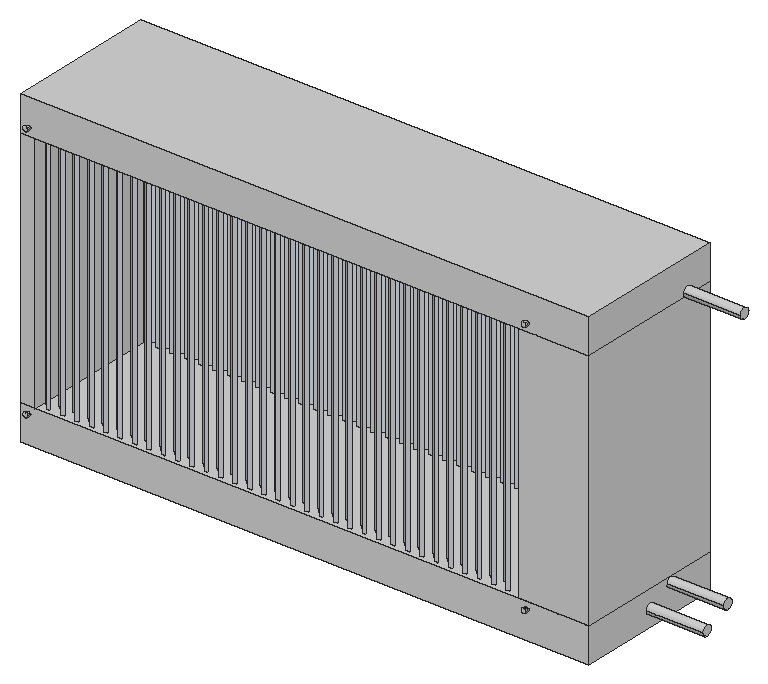
Revit family "НЕВАТОМ_Охладитель OWP-R_20220407", category Оборудование, Revit 2017
Family settings
  Размер круглого соединителя = Использовать диаметр
  Тип детали = Вставляется
  На основе рабочей плоскости = Нет
  Всегда вертикально = Нет
  При загрузке вырезать с полостями = Нет
  Общий = Нет
  Точка расчета площади = Нет
Parameters (values of type "OWP 1000-500/2")
  Толщина крышки = 50 mm  # constant formula
  Материал корпуса = Материал корпуса
  t = 2 mm  # constant formula
  l = 30 mm
  d = 20 mm  # constant formula
  Nevatom_Частотный преобразователь = ""
  Nevatom_Регулятор расхода = ""
  Nevatom_URL = "https://t.me/NEVATOM_Bim_bot"
  Nevatom_ Для задания электроснабжения = ""
  N = D / 30 mm  # 34
  K = 1295 mm
  F = 43 mm  # constant formula
  С пр. сеч = 500 mm
  E = 519 mm
  D пр.сеч = 1000 mm
  D = 1030 mm
  ADSK_Размер_Ширина = 312 mm  # constant formula
  ADSK_Размер_Длина = K  # 1295 mm
  ADSK_Размер_Высота = B  # 643 mm
  ADSK_Материал наименование = "Оцинкованная сталь"  # constant formula
  A = 1176 mm
  C = 530 mm
  B = 643 mm
  ADSK_Ток = 0 A
  ADSK_Полная мощность = 0 kW
  ADSK_Напряжение = 0 V
  ADSK_Расход воздуха = 6000.0 m³/h
  ADSK_Примечание = ""
  ADSK_Потеря давления воздуха = 54.0 Pa
  ADSK_Позиция = ""
  ADSK_Наименование = "ОХЛАДИТЕЛЬ ВОДЯНОЙ"
  ADSK_Масса_Текст = "45,2 кг"
  ADSK_Масса = 45.2
  ADSK_Марка = "OWP 1000-500/2-R"
  ADSK_Код изделия = ""
  ADSK_Завод-изготовитель = "NEVATOM"
  ADSK_Единица измерения = "шт."
  5 = 5 mm  # constant formula
  312 = 312 mm  # constant formula
Types (28, lengths in mm): name | N | K | С пр. сеч | E | D пр.сеч | D | ADSK_Размер_Длина | ADSK_Размер_Высота | A | C | B | ADSK_Расход воздуха | ADSK_Потеря давления воздуха | ADSK_Масса_Текст | ADSK_Масса | ADSK_Марка
  (no name) | 34 | 1295 | 500 | 519 | 1000 | 1030 | 1295 | 643 | 1176 | 530 | 643 | 6000.0 m³/h | 54.0 Pa | "45,2 кг" | 45.2 | "OWP 1000-500/2-R"
  OWP 400-200/2 | 14 | 675 | 200 | 219 | 400 | 420 | 675 | 333 | 556 | 220 | 333 | 800.0 m³/h | 31.0 Pa | "17,7 кг" | 17.7 | "ОWP–400*200/2-R"
  OWP 400-200/3 | 14 | 675 | 200 | 219 | 400 | 420 | 675 | 333 | 556 | 220 | 333 | 800.0 m³/h | 47.0 Pa | "17,7 кг" | 17.7 | "ОWP–400*200/3-R"
  OWP 400-200/4 | 14 | 675 | 200 | 219 | 400 | 420 | 675 | 333 | 556 | 220 | 333 | 800.0 m³/h | 67.0 Pa | "18,7 кг" | 18.7 | "ОWP–400*200/4-R"
  OWP 500-250/2 | 17 | 775 | 250 | 269 | 500 | 520 | 775 | 383 | 656 | 270 | 383 | 1250.0 m³/h | 31.0 Pa | "21,4 кг" | 21.4 | "OWP 500-250/2-R"
  OWP 500-250/3 | 17 | 775 | 250 | 269 | 500 | 520 | 775 | 383 | 656 | 270 | 383 | 1250.0 m³/h | 51.0 Pa | "21,2 кг" | 21.2 | "OWP 500-250/3-R"
  OWP 500-250/4 | 17 | 775 | 250 | 269 | 500 | 520 | 775 | 383 | 656 | 270 | 383 | 1250.0 m³/h | 72.0 Pa | "23 кг" | 23 | "OWP 500-250/4-R"
  OWP 500-300/2 | 17 | 775 | 300 | 319 | 500 | 520 | 775 | 433 | 656 | 320 | 433 | 1600.0 m³/h | 35.0 Pa | "23,1 кг" | 23.1 | "OWP 500-300/2-R"
  OWP 500-300/3 | 17 | 775 | 300 | 319 | 500 | 520 | 775 | 433 | 656 | 320 | 433 | 1600.0 m³/h | 58.0 Pa | "22,7 кг" | 22.7 | "OWP 500-300/3-R"
  OWP 500-300/4 | 17 | 775 | 300 | 319 | 500 | 520 | 775 | 433 | 656 | 320 | 433 | 1600.0 m³/h | 79.0 Pa | "24,9 кг" | 24.9 | "OWP 500-300/4-R"
  OWP 600-300/2 | 21 | 875 | 300 | 319 | 600 | 620 | 875 | 433 | 756 | 320 | 433 | 1850.0 m³/h | 37.0 Pa | "25,1 кг" | 25.1 | "OWP 600-300/2-R"
  OWP 600-300/3 | 21 | 875 | 300 | 319 | 600 | 620 | 875 | 433 | 756 | 320 | 433 | 1850.0 m³/h | 56.0 Pa | "25,2 кг" | 25.2 | "OWP 600-300/3-R"
  OWP 600-300/4 | 21 | 875 | 300 | 319 | 600 | 620 | 875 | 433 | 756 | 320 | 433 | 1850.0 m³/h | 73.0 Pa | "27,6 кг" | 27.6 | "OWP 600-300/4-R"
  OWP 600-350/2 | 21 | 875 | 350 | 369 | 600 | 620 | 875 | 483 | 756 | 370 | 483 | 2150.0 m³/h | 37.0 Pa | "27,0 кг" | 27 | "OWP 600-350/2-R"
  OWP 600-350/3 | 21 | 875 | 350 | 369 | 600 | 620 | 875 | 483 | 756 | 370 | 483 | 2150.0 m³/h | 56.0 Pa | "26,7 кг" | 26.7 | "OWP 600-350/3-R"
  OWP 600-350/4 | 21 | 875 | 350 | 369 | 600 | 620 | 875 | 483 | 756 | 370 | 483 | 2150.0 m³/h | 74.0 Pa | "29,6 кг" | 29.6 | "OWP 600-350/4-R"
  OWP 700-400/2 | 24 | 975 | 400 | 419 | 700 | 720 | 975 | 523 | 856 | 420 | 523 | 3500.0 m³/h | 55.0 Pa | "31,0 кг" | 31 | "OWP 700-400/2-R"
  OWP 700-400/3 | 24 | 975 | 400 | 419 | 700 | 720 | 975 | 523 | 856 | 420 | 523 | 3500.0 m³/h | 80.0 Pa | "30,6 кг" | 30.6 | "OWP 700-400/3-R"
  OWP 700-400/4 | 24 | 975 | 400 | 419 | 700 | 720 | 975 | 523 | 856 | 420 | 523 | 3500.0 m³/h | 104.0 Pa | "34,6 кг" | 34.6 | "OWP 700-400/4-R"
  OWP 800-500/2 | 28 | 1095 | 500 | 519 | 800 | 830 | 1095 | 643 | 976 | 530 | 643 | 5000.0 m³/h | 56.0 Pa | "38,2 кг" | 38.2 | "OWP 800-500/2-R"
  OWP 800-500/3 | 28 | 1095 | 500 | 519 | 800 | 830 | 1095 | 643 | 976 | 530 | 643 | 5000.0 m³/h | 81.0 Pa | "37,3 кг" | 37.3 | "OWP 800-500/3-R"
  OWP 800-500/4 | 28 | 1095 | 500 | 519 | 800 | 830 | 1095 | 643 | 976 | 530 | 643 | 5000.0 m³/h | 97.0 Pa | "43,1 кг" | 43.1 | "OWP 800-500/4-R"
  OWP 900-500/2 | 31 | 1195 | 500 | 519 | 900 | 930 | 1195 | 643 | 1076 | 530 | 643 | 5500.0 m³/h | 54.0 Pa | "42,1 кг" | 42.1 | "OWP 900-500/2-R"
  OWP 900-500/3 | 31 | 1195 | 500 | 519 | 900 | 930 | 1195 | 643 | 1076 | 530 | 643 | 5500.0 m³/h | 77.0 Pa | "39,6 кг" | 39.6 | "OWP 900-500/3-R"
  OWP 900-500/4 | 31 | 1195 | 500 | 519 | 900 | 930 | 1195 | 643 | 1076 | 530 | 643 | 5500.0 m³/h | 96.0 Pa | "46,6 кг" | 46.6 | "OWP 900-500/4-R"
  OWP 1000-500/2 | 34 | 1295 | 500 | 519 | 1000 | 1030 | 1295 | 643 | 1176 | 530 | 643 | 6000.0 m³/h | 54.0 Pa | "45,2 кг" | 45.2 | "OWP 1000-500/2-R"
  OWP 1000-500/3 | 34 | 1295 | 500 | 519 | 1000 | 1030 | 1295 | 643 | 1176 | 530 | 643 | 6000.0 m³/h | 77.0 Pa | "42,4 кг" | 42.4 | "OWP 1000-500/3-R"
  OWP 1000-500/4 | 34 | 1295 | 500 | 519 | 1000 | 1030 | 1295 | 643 | 1176 | 530 | 643 | 6000.0 m³/h | 95.0 Pa | "49,8 кг" | 49.8 | "OWP 1000-500/4-R"
Reference planes
  plane 1 "По центру (Вперед/Назад)": y = 0
  plane 2: z = 100.007
  plane 3 "По центру (Влево/Вправо)": x = 0
  plane 4: z = 359.507
  plane 5: z = -159.493
  plane 6: x = 500
  plane 7: x = -500
  plane 8: z = 350.007
  plane 9: z = -149.993
  plane 10: z = 421.507
  plane 11: z = -221.493
  plane 12: x = 646
  plane 13: x = -530
  plane 14: x = -515
  plane 15: x = 515
  plane 16: y = -156
  plane 17: y = 156
  plane 18: x = 765
  plane 19: y = 96.5
  plane 20: y = 53.5
  plane 21: z = -185.743
  plane 22: z = 365.007
  plane 23: z = -164.993
Forms (mm)
  Extrusion 1, solid, material "Материал корпуса"
    sketch origin (0, 0, 0) x (1, 0, 0) y (0, 0, 1)
      loop
        line (-530, 421.507) -> (-530, 350.007) -> (646, 350.007) -> (646, 421.507) -> (-530, 421.507)
      loop
        line (-530, -221.493) -> (646, -221.493) -> (646, -149.993) -> (-530, -149.993) -> (-530, -221.493)
    from -156 to 156
  Extrusion 2, solid, material "Материал корпуса"
    sketch origin (0, 0, 0) x (0, 1, 0) y (0, 0, 1)
      loop
        circle (0, -185.743) r 10
      loop
        circle (53.5, -159.493) r 10
      loop
        circle (96.5, 359.507) r 10
    from 646 to 765
  Extrusion 3, solid, material "Материал корпуса" <- "Материал корпуса"
    sketch origin (0, 0, 0) x (1, 0, 0) y (0, 0, 1)
      loop
        circle (-515, 365.007) r 5
      loop
        circle (515, 365.007) r 5
      loop
        circle (515, -164.993) r 5
      loop
        circle (-515, -164.993) r 5
    from -161 to 161
  Extrusion 4, solid, material "Материал корпуса"
    sketch origin (0, 0, 100.007) x (1, 0, 0) y (0, 1, 0)
      loop
        line (500, 156) -> (500, -156) -> (646, -156) -> (646, 156) -> (500, 156)
      loop
        line (-530, 156) -> (-530, -156) -> (-500, -156) -> (-500, 156) -> (-530, 156)
    from -250 to 250
Dimensions and locks
  "A": plane 12 to plane 13
  equal spacing: plane 6, plane 3 "По центру (Влево/Вправо)", plane 7
  "D пр.сеч": plane 6 to plane 7
  "l": plane 7 to plane 13
  equal spacing: plane 8, level, plane 9
  "С пр. сеч": plane 8 to plane 9
  equal spacing: plane 4, plane 2, plane 5
  "E": plane 4 to plane 5
  "B": plane 10 to plane 11
  equal spacing: plane 10, plane 2, plane 11
  equal spacing: plane 17, plane 1 "По центру (Вперед/Назад)", plane 16
  "312": plane 17 to plane 16
  plane 13 to plane 18 = 1295 mm
  plane 13 to plane 12 = 1176 mm
  equal spacing: plane 15, plane 3 "По центру (Влево/Вправо)", plane 14
  "D": plane 15 to plane 14
  "K": plane 18 to plane 13
  equal spacing: plane 9, plane 21, plane 11
  "F": plane 20 to plane 19
  plane 1 "По центру (Вперед/Назад)" to plane 20 = 53.5 mm
  locked: plane 19 to plane 17 at 59.5
  equal spacing: group 1, group 3, group 4, group 5, group 6, group 7, group 8, group 9, group 10, group 11, group 12, group 13, group 14, group 29, group 30, group 31, group 32, group 33, group 34, group 35, group 36, group 37, group 38, group 39, group 40, group 41, group 42, group 43, group 44, group 45, group 63, group 64, group 65, group 2  (x3)
  locked: nested 15 to plane 16 at 10
  equal spacing: group 16, group 68, group 67, group 66, group 62, group 61, group 60, group 59, group 58, group 57, group 56, group 55, group 54, group 53, group 52, group 51, group 50, group 49, group 48, group 47, group 46, group 28, group 27, group 26, group 25, group 24, group 23, group 22, group 21, group 20, group 19, group 18, group 17, group 15
  equal spacing: group 15, group 17, group 18, group 19, group 20, group 21, group 22, group 23, group 24, group 25, group 26, group 27, group 28, group 46, group 47, group 48, group 49, group 50, group 51, group 52, group 53, group 54, group 55, group 56, group 57, group 58, group 59, group 60, group 61, group 62, group 66, group 67, group 68, group 16  (x2)
  "5": Extrusion 3 to plane 17
  "5": plane 16 to Extrusion 3
  equal spacing: plane 22, plane 2, plane 23
  "C": plane 22 to plane 23
  "d": diameter of Extrusion 2 sketch curve  (x3)
  aligned and locked: level to plane 2
  aligned and locked: Extrusion 1 sketch curve to plane 10
  aligned and locked: plane 13 to Extrusion 1 sketch curve
  aligned and locked: plane 8 to Extrusion 1 sketch curve
  aligned and locked: Extrusion 1 sketch curve to plane 12
  aligned and locked: Extrusion 1 sketch curve to plane 11
  aligned and locked: Extrusion 1 sketch curve to plane 13
  aligned and locked: plane 9 to Extrusion 1 sketch curve
  aligned and locked: plane 12 to Extrusion 1 sketch curve
  aligned and locked: plane 17 to Extrusion 1
  aligned and locked: Extrusion 1 to plane 16
  aligned and locked: plane 18 to Extrusion 2
  aligned and locked: plane 7 to nested 1
  aligned and locked: plane 6 to nested 2
  aligned and locked: nested 15 to plane 6
  aligned and locked: nested 16 to plane 7
  aligned and locked: plane 14 to Extrusion 3 sketch curve  (x2)
  aligned and locked: plane 15 to Extrusion 3 sketch curve  (x2)
  aligned and locked: Extrusion 4 to Extrusion 1
  aligned and locked: plane 16 to Extrusion 4 sketch curve
  aligned and locked: Extrusion 4 sketch curve to plane 7
  aligned and locked: plane 8 to Extrusion 4
  aligned and locked: Extrusion 2 to plane 12
  aligned and locked: plane 5 to Extrusion 2 sketch curve
  aligned and locked: plane 20 to Extrusion 2 sketch curve
  aligned and locked: plane 22 to Extrusion 3 sketch curve  (x2)
  aligned and locked: plane 23 to Extrusion 3 sketch curve  (x2)
  aligned and locked: nested 63 to Extrusion 1  (x2)
  aligned and locked: Extrusion 1 to nested 63
Automatic sketch dimensions
  Extrusion 4 sketch curve to plane 6 = 0 mm
  Extrusion 4 sketch curve to plane 12 = 0 mm
  Extrusion 4 sketch curve to plane 16 = 0 mm
  Extrusion 4 sketch curve to plane 17 = 0 mm  (x2)
  Extrusion 4 sketch curve to plane 13 = 0 mm
  Extrusion 2 sketch curve to plane 1 "По центру (Вперед/Назад)" = 0 mm
  Extrusion 2 sketch curve to plane 4 = 0 mm
  Extrusion 2 sketch curve to plane 19 = 0 mm
  Extrusion 2 sketch curve to plane 21 = 0 mm
  radius of Extrusion 3 sketch curve = 5 mm  (x4)
Nested families
  nested 1: "Семейство1" at (-490, 134, 100.007), type "Семейство1"
    with E 500 mm, 20 20 mm
  nested 2: "Семейство1" at (490, 134, 100.007), type "Семейство1"
    with E 500 mm, 20 20 mm
  nested 3: "Семейство1" at (-460.303, 134, 100.007), type "Семейство1"
    with E 500 mm, 20 20 mm
  nested 4: "Семейство1" at (-430.606, 134, 100.007), type "Семейство1"
    with E 500 mm, 20 20 mm
  nested 5: "Семейство1" at (-400.909, 134, 100.007), type "Семейство1"
    with E 500 mm, 20 20 mm
  nested 6: "Семейство1" at (-371.212, 134, 100.007), type "Семейство1"
    with E 500 mm, 20 20 mm
  nested 7: "Семейство1" at (-341.515, 134, 100.007), type "Семейство1"
    with E 500 mm, 20 20 mm
  nested 8: "Семейство1" at (-311.818, 134, 100.007), type "Семейство1"
    with E 500 mm, 20 20 mm
  nested 9: "Семейство1" at (-282.121, 134, 100.007), type "Семейство1"
    with E 500 mm, 20 20 mm
  nested 10: "Семейство1" at (-252.424, 134, 100.007), type "Семейство1"
    with E 500 mm, 20 20 mm
  nested 11: "Семейство1" at (-222.727, 134, 100.007), type "Семейство1"
    with E 500 mm, 20 20 mm
  nested 12: "Семейство1" at (-193.03, 134, 100.007), type "Семейство1"
    with E 500 mm, 20 20 mm
  nested 13: "Семейство1" at (-163.333, 134, 100.007), type "Семейство1"
    with E 500 mm, 20 20 mm
  nested 14: "Семейство1" at (-133.636, 134, 100.007), type "Семейство1"
    with E 500 mm, 20 20 mm
  nested 15: "Семейство1" at (490, -136, 100.007), type "Семейство1"
    with E 500 mm, 20 20 mm
  nested 16: "Семейство1" at (-490, -136, 100.007), type "Семейство1"
    with E 500 mm, 20 20 mm
  nested 17: "Семейство1" at (460.303, -136, 100.007), type "Семейство1"
    with E 500 mm, 20 20 mm
  nested 18: "Семейство1" at (430.606, -136, 100.007), type "Семейство1"
    with E 500 mm, 20 20 mm
  nested 19: "Семейство1" at (400.909, -136, 100.007), type "Семейство1"
    with E 500 mm, 20 20 mm
  nested 20: "Семейство1" at (371.212, -136, 100.007), type "Семейство1"
    with E 500 mm, 20 20 mm
  nested 21: "Семейство1" at (341.515, -136, 100.007), type "Семейство1"
    with E 500 mm, 20 20 mm
  nested 22: "Семейство1" at (311.818, -136, 100.007), type "Семейство1"
    with E 500 mm, 20 20 mm
  nested 23: "Семейство1" at (282.121, -136, 100.007), type "Семейство1"
    with E 500 mm, 20 20 mm
  nested 24: "Семейство1" at (252.424, -136, 100.007), type "Семейство1"
    with E 500 mm, 20 20 mm
  nested 25: "Семейство1" at (222.727, -136, 100.007), type "Семейство1"
    with E 500 mm, 20 20 mm
  nested 26: "Семейство1" at (193.03, -136, 100.007), type "Семейство1"
    with E 500 mm, 20 20 mm
  nested 27: "Семейство1" at (163.333, -136, 100.007), type "Семейство1"
    with E 500 mm, 20 20 mm
  nested 28: "Семейство1" at (133.636, -136, 100.007), type "Семейство1"
    with E 500 mm, 20 20 mm
  nested 29: "Семейство1" at (-103.939, 134, 100.007), type "Семейство1"
    with E 500 mm, 20 20 mm
  nested 30: "Семейство1" at (-74.242, 134, 100.007), type "Семейство1"
    with E 500 mm, 20 20 mm
  nested 31: "Семейство1" at (-44.545, 134, 100.007), type "Семейство1"
    with E 500 mm, 20 20 mm
  nested 32: "Семейство1" at (-14.848, 134, 100.007), type "Семейство1"
    with E 500 mm, 20 20 mm
  nested 33: "Семейство1" at (14.848, 134, 100.007), type "Семейство1"
    with E 500 mm, 20 20 mm
  nested 34: "Семейство1" at (44.545, 134, 100.007), type "Семейство1"
    with E 500 mm, 20 20 mm
  nested 35: "Семейство1" at (74.242, 134, 100.007), type "Семейство1"
    with E 500 mm, 20 20 mm
  nested 36: "Семейство1" at (103.939, 134, 100.007), type "Семейство1"
    with E 500 mm, 20 20 mm
  nested 37: "Семейство1" at (133.636, 134, 100.007), type "Семейство1"
    with E 500 mm, 20 20 mm
  nested 38: "Семейство1" at (163.333, 134, 100.007), type "Семейство1"
    with E 500 mm, 20 20 mm
  nested 39: "Семейство1" at (193.03, 134, 100.007), type "Семейство1"
    with E 500 mm, 20 20 mm
  nested 40: "Семейство1" at (222.727, 134, 100.007), type "Семейство1"
    with E 500 mm, 20 20 mm
  nested 41: "Семейство1" at (252.424, 134, 100.007), type "Семейство1"
    with E 500 mm, 20 20 mm
  nested 42: "Семейство1" at (282.121, 134, 100.007), type "Семейство1"
    with E 500 mm, 20 20 mm
  nested 43: "Семейство1" at (311.818, 134, 100.007), type "Семейство1"
    with E 500 mm, 20 20 mm
  nested 44: "Семейство1" at (341.515, 134, 100.007), type "Семейство1"
    with E 500 mm, 20 20 mm
  nested 45: "Семейство1" at (371.212, 134, 100.007), type "Семейство1"
    with E 500 mm, 20 20 mm
  nested 46: "Семейство1" at (103.939, -136, 100.007), type "Семейство1"
    with E 500 mm, 20 20 mm
  nested 47: "Семейство1" at (74.242, -136, 100.007), type "Семейство1"
    with E 500 mm, 20 20 mm
  nested 48: "Семейство1" at (44.545, -136, 100.007), type "Семейство1"
    with E 500 mm, 20 20 mm
  nested 49: "Семейство1" at (14.848, -136, 100.007), type "Семейство1"
    with E 500 mm, 20 20 mm
  nested 50: "Семейство1" at (-14.848, -136, 100.007), type "Семейство1"
    with E 500 mm, 20 20 mm
  nested 51: "Семейство1" at (-44.545, -136, 100.007), type "Семейство1"
    with E 500 mm, 20 20 mm
  nested 52: "Семейство1" at (-74.242, -136, 100.007), type "Семейство1"
    with E 500 mm, 20 20 mm
  nested 53: "Семейство1" at (-103.939, -136, 100.007), type "Семейство1"
    with E 500 mm, 20 20 mm
  nested 54: "Семейство1" at (-133.636, -136, 100.007), type "Семейство1"
    with E 500 mm, 20 20 mm
  nested 55: "Семейство1" at (-163.333, -136, 100.007), type "Семейство1"
    with E 500 mm, 20 20 mm
  nested 56: "Семейство1" at (-193.03, -136, 100.007), type "Семейство1"
    with E 500 mm, 20 20 mm
  nested 57: "Семейство1" at (-222.727, -136, 100.007), type "Семейство1"
    with E 500 mm, 20 20 mm
  nested 58: "Семейство1" at (-252.424, -136, 100.007), type "Семейство1"
    with E 500 mm, 20 20 mm
  nested 59: "Семейство1" at (-282.121, -136, 100.007), type "Семейство1"
    with E 500 mm, 20 20 mm
  nested 60: "Семейство1" at (-311.818, -136, 100.007), type "Семейство1"
    with E 500 mm, 20 20 mm
  nested 61: "Семейство1" at (-341.515, -136, 100.007), type "Семейство1"
    with E 500 mm, 20 20 mm
  nested 62: "Семейство1" at (-371.212, -136, 100.007), type "Семейство1"
    with E 500 mm, 20 20 mm
  nested 63: "НЕВАТОМ_QR-AxB" at (596, -106, 421.507), type "Nevatom_Logo_100x100", not visible
  nested 64: "Семейство1" at (400.909, 134, 100.007), type "Семейство1"
    with E 500 mm, 20 20 mm
  nested 65: "Семейство1" at (430.606, 134, 100.007), type "Семейство1"
    with E 500 mm, 20 20 mm
  nested 66: "Семейство1" at (460.303, 134, 100.007), type "Семейство1"
    with E 500 mm, 20 20 mm
  nested 67: "Семейство1" at (-400.909, -136, 100.007), type "Семейство1"
    with E 500 mm, 20 20 mm
  nested 68: "Семейство1" at (-430.606, -136, 100.007), type "Семейство1"
    with E 500 mm, 20 20 mm
  nested 69: "Семейство1" at (-460.303, -136, 100.007), type "Семейство1"
    with E 500 mm, 20 20 mm
Connectors
  hvac at (0, 156, 100.007), driven by "С пр. сеч", driven by "D пр.сеч"
    settings: on Extrusion 4, index 1, duct flow 0.0 m³/h, flow factor 0, pres drop 0.0 Pa, loss coef 0, conn angle 0.00°, conn width 1000 mm, conn height 500 mm, conn diameter 609.6 mm, duct sys type 29, conn prof type 1, flow config 0, flow direction 0, loss method 0, conn ref index -1, conn util no, is conn primary yes, conn desc ""
  hvac at (0, -156, 100.007), driven by "С пр. сеч", driven by "D пр.сеч"
    settings: on Extrusion 4, index 2, duct flow 0.0 m³/h, flow factor 0, pres drop 0.0 Pa, loss coef 0, conn angle 0.00°, conn width 1000 mm, conn height 500 mm, conn diameter 609.6 mm, duct sys type 29, conn prof type 1, flow config 0, flow direction 0, loss method 0, conn ref index -1, conn util no, is conn primary no, conn desc ""
  piping at (765, 96.5, 359.507), diameter 20, driven by "d"
    settings: on Extrusion 2, index 3, connector inside diameter 609.6 mm, connector length 0 mm, flow factor 0, pipe flow 0.0 L/s, pressure drop 0.0 Pa, fitting loss kfactor 0, connector angle 0.00°, fixture units 0, engagement length 0 mm, angle of deflection 0.00°, flow configuration 0, flow direction 0, fitting loss method 0, system type 28, joint type 0, gender type 0, connector reference index -1, connector utility 0, adjustable connector no, is connector primary yes, connector description ""
  piping at (765, 0, -185.743), diameter 20, driven by "d"
    settings: on Extrusion 2, index 4, connector inside diameter 609.6 mm, connector length 0 mm, flow factor 0, pipe flow 0.0 L/s, pressure drop 0.0 Pa, fitting loss kfactor 0, connector angle 0.00°, fixture units 0, engagement length 0 mm, angle of deflection 0.00°, flow configuration 0, flow direction 0, fitting loss method 0, system type 28, joint type 0, gender type 0, connector reference index -1, connector utility 0, adjustable connector no, is connector primary no, connector description ""
  piping at (765, 53.5, -159.493), diameter 20, driven by "d"
    settings: on Extrusion 2, index 5, connector inside diameter 609.6 mm, connector length 0 mm, flow factor 0, pipe flow 0.0 L/s, pressure drop 0.0 Pa, fitting loss kfactor 0, connector angle 0.00°, fixture units 0, engagement length 0 mm, angle of deflection 0.00°, flow configuration 0, flow direction 0, fitting loss method 0, system type 28, joint type 0, gender type 0, connector reference index -1, connector utility 0, adjustable connector no, is connector primary no, connector description ""
Definition of nested family "Семейство1"
  Parameters (values of type "Семейство1")
    E = 196.412 mm
    20 = 50 mm
  Reference planes
    plane 1 "По центру (Вперед/Назад)": y = 0
    plane 2: z = 0
    plane 3 "По центру (Влево/Вправо)": x = 0
    plane 4: x = 25
    plane 5: x = -25
    plane 6: y = -25
    plane 7: y = 25
    plane 8: z = 98.206
    plane 9: z = -98.206
    plane 10: through (-652.191, -652.191, 1200) normal (-0.7071, 0.7071, 0)
  Forms (mm)
    Extrusion 1, solid
      sketch origin (-23.125, 9.105, 0) x (0.707107, 0.707107, 0) y (-0.707107, 0.707107, 0)
        loop
          line (-22.652, -25.581) -> (48.059, -25.581) -> (42.478, -20) -> (-28.232, -20) -> (-22.652, -25.581)
      from -98.206 to 98.206
  Dimensions and locks
    "E": plane 8 to plane 9
    equal spacing: plane 5, plane 3 "По центру (Влево/Вправо)", plane 4
    equal spacing: plane 7, plane 1 "По центру (Вперед/Назад)", plane 6
    "20": plane 5 to plane 4
    "20": plane 7 to plane 6
    Extrusion 1 to plane 10 to Extrusion 1 = 2.79 mm, 2.79 mm
    equal spacing: Extrusion 1 sketch curve, plane 10, Extrusion 1 sketch curve
    Extrusion 1 sketch curve to Extrusion 1 sketch curve = 5.581 mm
    equal spacing: plane 8, level, plane 9
    locked: plane 1 "По центру (Вперед/Назад)" to plane 10 (angle 45.00°)
    aligned and locked: level to plane 2
    aligned and locked: Extrusion 1 sketch curve to plane 6
    aligned and locked: plane 7 to Extrusion 1 sketch curve
    aligned and locked: plane 8 to Extrusion 1
    aligned and locked: Extrusion 1 to plane 9
Definition of nested family "НЕВАТОМ_QR-AxB"
  Parameters (values of type "Nevatom_Logo_25x25")
    Logo_Image = none
    L = 2 mm
    B = A  # 25 mm
    A = 25 mm
  Types (5, lengths in mm): name | B | A
    (no name) | 25 | 25
    Nevatom_Logo_200x200 | 200 | 200
    Nevatom_Logo_100x100 | 100 | 100
    Nevatom_Logo_50x50 | 50 | 50
    Nevatom_Logo_25x25 | 25 | 25
  Reference planes
    plane 1 "По центру (Вперед/Назад)": y = 0
    plane 2: z = 0
    plane 3 "По центру (Влево/Вправо)": x = 0
    plane 4: x = -12.5
    plane 5: x = 12.5
    plane 6: y = 12.5
    plane 7: y = -12.5
  Forms (mm)
    Extrusion 1, solid, material <- "Logo_Image"
      sketch origin (0, 0, 0) x (1, 0, 0) y (0, 1, 0)
        loop
          line (-12.5, 12.5) -> (-12.5, -12.5) -> (12.5, -12.5) -> (12.5, 12.5) -> (-12.5, 12.5)
      from 0 to 2 <- "L"
  Lines and regions (mm)
    reference lines
      curve 1: line (-12.5, 12.5, 0) -> (12.5, 12.5, 0)
      curve 2: line (12.5, 12.5, 0) -> (12.5, -12.5, 0)
      curve 3: line (12.5, -12.5, 0) -> (-12.5, -12.5, 0)
      curve 4: line (-12.5, -12.5, 0) -> (-12.5, 12.5, 0)
  Dimensions and locks
    equal spacing: plane 4, plane 3 "По центру (Влево/Вправо)", plane 5
    "A": plane 4 to plane 5
    equal spacing: plane 6, plane 1 "По центру (Вперед/Назад)", plane 7
    "B": plane 6 to plane 7
    aligned and locked: level to plane 2
    aligned and locked: plane 6 to curve 1
    aligned and locked: plane 4 to curve 4
    aligned and locked: plane 5 to curve 2
    aligned and locked: plane 7 to curve 3
    aligned and locked: Extrusion 1 sketch curve to curve 1
    aligned and locked: Extrusion 1 sketch curve to curve 4
    aligned and locked: Extrusion 1 sketch curve to curve 3
    aligned and locked: Extrusion 1 sketch curve to curve 2
